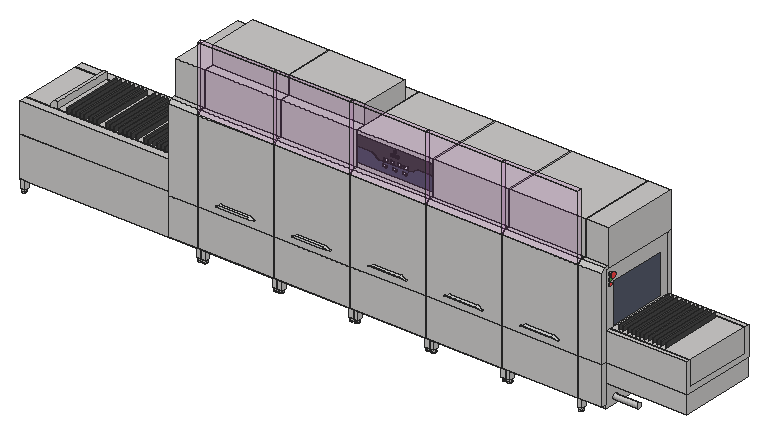
Revit family "QF_ELECTROLUXPROFESSIONAL_520753_EFTD082E1", category Attrezzature speciali, Revit 2020
Family settings
  Quota connettore circolare = Usa diametro
  Tipo di parte = Normale
  Basato su piano di lavoro = No
  Sempre verticale = Sì
  Taglio con vuoti quando caricato = No
  Condiviso = No
  Punto di calcolo locali = No
Parameters (values of type "Standard")
  Weight = 1419.00 kg
  Watts = 66700 W
  Volts = 380 V
  URL Manufacturer = "https://www.electroluxprofessional.com/"
  URL = "https://www.electroluxprofessional.com/"
  Steam Supply Size = 0 mm
  Steam Supply Minimum Pressure = 0.0 Pa
  Steam Supply Maximum Pressure = 0.0 Pa
  Steam Consumption per Hour = 0
  Show Logo [instance] = yes
  Show Clearance [instance] = yes
  Refrigeration Suction Line Size = 0 mm
  Refrigeration Liquid Line Size = 0 mm
  Refrigerant Compressor Remote = yes
  Prospetto di default = 0 mm
  Produttore = "Electrolux Professional"
  Phase = 3
  Modello = "EFTD082E1"
  Length Actual = 7000 mm  # constant formula
  Item Number = "520753"
  Hot Water Size = 0 mm
  Height Actual = 1983 mm  # constant formula
  HP = "89.4 HP"
  Gas Size = 0 mm
  Gas KW = 0
  Gas Input Pressure = 0 W
  Direct Waste Size = 50.8 mm
  Descrizione = "FT, 3TANKS, 8200D/H, EL., 1100MM LOADING, 1900MM UNLOADING, 1DRYER, 55MM CONVEYOR,ESD,R>L,380V50HZ3P"
  Depth Actual = 946 mm  # constant formula
  Cycle = 50 Hz
  Condensate Return Size = 0 mm
  Compressed Air Volume = 0.0 L/s
  Compressed Air Size = 0 mm
  Compressed Air Pressure = 0.0 Pa
  Cold Water Size = 0 mm
  Accessory = yes
Reference planes
  plane 1 "Centro (Fronte/Retro)": y = 0
  plane 2: z = 0
  plane 3 "Centro (Sinistra/Destra)": x = 0
  plane 4: z = 115
Forms (mm)
  Extrusion 1, solid, material "QF_Finishes_Stainless Steel"
    sketch origin (3182.404, 2, 1806.023) x (1, 0, 0) y (0, 0, 1)
      loop
        line (407.596, -163.023) -> (407.596, -183.023) -> (427.596, -183.023) -> (427.596, -163.023) -> (407.596, -163.023)
    from 0 to 2
  Extrusion 2, solid, material "QF_Finishes_Stainless Steel"
    sketch origin (-5.617, 22.464, 1290.159) x (0, 0, -1) y (0, 1, 0)
      loop
        circle (1102.159, -772.464) r 25
    from -9.383 to 5.617
  Extrusion 3, solid, material "QF_Finishes_Stainless Steel"
    sketch origin (3842.404, 2, 337.984) x (1, 0, 0) y (0, 0, 1)
      loop
        line (407.596, -163.023) -> (407.596, -183.023) -> (427.596, -183.023) -> (427.596, -163.023) -> (407.596, -163.023)
    from 0 to 2
  Extrusion 4, solid, material "QF_Finishes_Stainless Steel"
    sketch origin (1247.841, 200.464, 109.383) x (1, 0, 0) y (0, 1, 0)
      loop
        circle (1102.159, -772.464) r 10
    from -9.383 to 5.617
  Extrusion 5, solid, material "QF_Finishes_Stainless Steel"
    sketch origin (6405.617, -1522.464, 1290.159) x (0, 0, -1) y (0, -1, 0)
      loop
        circle (1102.159, -772.464) r 25
    from -9.383 to 255.617
Dimensions and locks
  plane 4 to level = 115 mm
  aligned and locked: level to plane 2
Nested families
  nested 1: "MODULO_CENTER_800_FAN" at (2283.563, -388.258, 0), Show Clearance <- "Show Clearance", type "MODULO_CENTER_800_FAN"
    with Show Logo yes, Show Clearance yes, R_L no, L_R yes
  nested 2: "MODULO_CENTER_800" at (3883.563, -388.258, 0), Show Clearance <- "Show Clearance", type "MODULO_CENTER_800"
    with Show Logo yes, Show Clearance yes, R_L no, L_R yes
  nested 3: "MODULO_ENTRY_DISH_1100" at (6291.437, -523.742, 0) x (-1, 0, 0) z (0, 0, 1), type "MODULO_ENTRY_DISH_1100"
    with Show Logo yes, Show Clearance yes, R_L yes, L_R no
  nested 4: "MODULO_USCITA_DISH_1900" at (1541.437, -523.742, 0) x (-1, 0, 0) z (0, 0, 1), type "MODULO_USCITA_DISH_1900"
    with Show Logo yes, Show Clearance yes, R_L no, L_R yes
  nested 5: "Piedino_Square_115H" at (23.5, -838.5, 0), type "Piedino_Square_115H"
  nested 6: "Piedino_Square_115H" at (23.5, -73.5, 0), type "Piedino_Square_115H"
  nested 7: "Piedino_Square_115H" at (1876.5, -838.5, 0), type "Piedino_Square_115H"
  nested 8: "Piedino_Square_115H" at (1876.5, -73.5, 0), type "Piedino_Square_115H"
  nested 9: "Piedino_Square_115H" at (1923.5, -838.5, 0), type "Piedino_Square_115H"
  nested 10: "Piedino_Square_115H" at (1923.5, -73.5, 0), type "Piedino_Square_115H"
  nested 11: "Piedino_Square_115H" at (2676.5, -838.5, 0), type "Piedino_Square_115H"
  nested 12: "Piedino_Square_115H" at (2676.5, -73.5, 0), type "Piedino_Square_115H"
  nested 13: "Piedino_Square_115H" at (2723.5, -838.5, 0) x (-1, 0, 0) z (0, 0, 1), type "Piedino_Square_115H"
  nested 14: "Piedino_Square_115H" at (2723.5, -73.5, 0) x (-1, 0, 0) z (0, 0, 1), type "Piedino_Square_115H"
  nested 15: "Piedino_Square_115H" at (3476.5, -838.5, 0) x (-1, 0, 0) z (0, 0, 1), type "Piedino_Square_115H"
  nested 16: "Piedino_Square_115H" at (3476.5, -73.5, 0) x (-1, 0, 0) z (0, 0, 1), type "Piedino_Square_115H"
  nested 17: "Piedino_Square_115H" at (3523.5, -838.5, 0), type "Piedino_Square_115H"
  nested 18: "Piedino_Square_115H" at (3523.5, -73.5, 0), type "Piedino_Square_115H"
  nested 19: "Piedino_Square_115H" at (4276.5, -838.5, 0), type "Piedino_Square_115H"
  nested 20: "Piedino_Square_115H" at (4276.5, -73.5, 0), type "Piedino_Square_115H"
  nested 21: "MANIGLIA_FLIGHT_400" at (3900, -912, 639.28) x (1, 0, 0) z (0, -1, 0), type "MANIGLIA_FLIGHT_400"
  nested 22: "MANIGLIA_FLIGHT_400" at (3100, -912, 639.28) x (1, 0, 0) z (0, -1, 0), type "MANIGLIA_FLIGHT_400"
  nested 23: "MANIGLIA_FLIGHT_400" at (2300, -912, 639.28) x (1, 0, 0) z (0, -1, 0), type "MANIGLIA_FLIGHT_400"
  nested 24: "MODULO_CENTER_800" at (4716.437, -388.258, 0) x (-1, 0, 0) z (0, 0, 1), Show Clearance <- "Show Clearance", type "MODULO_CENTER_800"
    with Show Logo yes, Show Clearance yes, R_L no, L_R yes
  nested 25: "Piedino_Square_115H" at (5076.5, -838.5, 0) x (-1, 0, 0) z (0, 0, 1), type "Piedino_Square_115H"
  nested 26: "Piedino_Square_115H" at (5076.5, -73.5, 0) x (-1, 0, 0) z (0, 0, 1), type "Piedino_Square_115H"
  nested 27: "Piedino_Square_115H" at (4323.5, -838.5, 0) x (-1, 0, 0) z (0, 0, 1), type "Piedino_Square_115H"
  nested 28: "Piedino_Square_115H" at (4323.5, -73.5, 0) x (-1, 0, 0) z (0, 0, 1), type "Piedino_Square_115H"
  nested 29: "MANIGLIA_FLIGHT_400" at (4700, -912, 639.28) x (-1, 0, 0) z (0, -1, 0), type "MANIGLIA_FLIGHT_400"
  nested 30: "MODULO_CENTER_800" at (5483.563, -388.258, 0), Show Clearance <- "Show Clearance", type "MODULO_CENTER_800"
    with Show Logo yes, Show Clearance yes, R_L no, L_R yes
  nested 31: "Piedino_Square_115H" at (5123.5, -838.5, 0), type "Piedino_Square_115H"
  nested 32: "Piedino_Square_115H" at (5123.5, -73.5, 0), type "Piedino_Square_115H"
  nested 33: "Piedino_Square_115H" at (5876.5, -838.5, 0), type "Piedino_Square_115H"
  nested 34: "Piedino_Square_115H" at (5876.5, -73.5, 0), type "Piedino_Square_115H"
  nested 35: "MANIGLIA_FLIGHT_400" at (5500, -912, 639.28) x (1, 0, 0) z (0, -1, 0), type "MANIGLIA_FLIGHT_400"
  nested 36: "Schermo_Flight_800" at (3900, -815, 1594.493) x (1, 0, 0) z (0, -1, 0), type "Schermo_Flight_800"
  nested 37: "ELX_LOGO_WORDS_WHITE" at (3900, -816.6, 1684.493) x (1, 0, 0) z (0, -1, 0), Show Logo <- "Show Logo", visible <- "Show Logo", type "ELX_LOGO_WORDS_WHITE"
    with Show Logo yes
  nested 38: "ELX_LOGO_MONO_SMALL_WHITE" at (3890.08, -816.6, 1670.493) x (-1, 0, 0) z (0, -1, 0), Show Logo <- "Show Logo", visible <- "Show Logo", type "ELX_LOGO_MONO_SMALL_WHITE"
    with Show Logo yes
  nested 39: "MODULO_CENTER_800_FAN" at (3116.437, -388.258, 0) x (-1, 0, 0) z (0, 0, 1), Show Clearance <- "Show Clearance", type "MODULO_CENTER_800_FAN"
    with Show Logo yes, Show Clearance yes, R_L no, L_R yes
Connectors
  electrical at (3600, 2, 1633)
    settings: on Extrusion 1, index 69, voltage 0 V, apparent load 0 VA, apparent load phase1 0 VA, apparent load phase2 0 VA, apparent load phase3 0 VA, power factor 1, load classification "Altro", number of poles 1, system type 30, power factor state 1, is connector primary yes, connector utility no, sub classification motor no, connector description "EI"
  piping at (-15, -750, 188), diameter 50
    settings: on Extrusion 2, index 70, connector inside diameter 609.6 mm, connector length 0 mm, flow factor 0, pipe flow 0.0 L/s, pressure drop 0.0 Pa, fitting loss kfactor 0, connector angle 0.00°, fixture units 0, engagement length 0 mm, angle of deflection 0.00°, flow configuration 0, flow direction 0, fitting loss method 0, system type 29, joint type 0, gender type 0, connector reference index -1, connector utility 0, adjustable connector no, is connector primary yes, connector description "D"
  electrical at (4260, 2, 164.961)
    settings: on Extrusion 3, index 71, voltage 0 V, apparent load 0 VA, apparent load phase1 0 VA, apparent load phase2 0 VA, apparent load phase3 0 VA, power factor 1, load classification "Altro", number of poles 1, system type 30, power factor state 1, is connector primary no, connector utility no, sub classification motor no, connector description "EQ"
  piping at (2350, -572, 100), diameter 19.1
    settings: on Extrusion 4, index 72, connector inside diameter 609.6 mm, connector length 0 mm, flow factor 0, pipe flow 0.0 L/s, pressure drop 0.0 Pa, fitting loss kfactor 0, connector angle 0.00°, fixture units 0, engagement length 0 mm, angle of deflection 0.00°, flow configuration 0, flow direction 0, fitting loss method 0, system type 29, joint type 0, gender type 0, connector reference index -1, connector utility 0, adjustable connector no, is connector primary no, connector description "HWI/CWI"
  piping at (6415, -750, 188), diameter 50
    settings: on Extrusion 5, index 74, connector inside diameter 609.6 mm, connector length 0 mm, flow factor 0, pipe flow 0.0 L/s, pressure drop 0.0 Pa, fitting loss kfactor 0, connector angle 0.00°, fixture units 0, engagement length 0 mm, angle of deflection 0.00°, flow configuration 0, flow direction 0, fitting loss method 0, system type 29, joint type 0, gender type 0, connector reference index -1, connector utility 0, adjustable connector no, is connector primary no, connector description ""
Definition of nested family "MODULO_CENTER_800_FAN"
  Parameters (values of type "MODULO_CENTER_800_FAN")
    URL = "http://professional.electrolux.com"
    Show Logo [instance] = yes
    R_L [instance] = not(L_R)  # no
    Default Elevation = 0 mm
    Manufacturer = "Electrolux"
    Model = "ESR10E5"
    Length Actual = 800 mm
    Show Clearance [instance] = yes
    L_R [instance] = yes
    Height Actual = 1792 mm
    Description = "SINGLE RINSE RT, 100R/H, ELECTRIC 50HZ"
    Depth Actual = 912 mm
  Reference planes
    plane 1 "Center X": y = -67.742
    plane 2: z = 0
    plane 3 "LEFT": x = -383.563
    plane 4 "RIGHT": x = 416.437
    plane 5 "BACK": y = 388.258
    plane 6 "FEET": z = 115
    plane 7: z = 2092
    plane 8 "TOP": z = 1792
    plane 9 "FRONT": y = -523.742
    plane 10 "Left/Right": x = 16.437
    plane 11 "TopVent": z = 1983
  Forms (mm)
    Extrusion 1, solid
      sketch origin (416.437, 479.936, 4000) x (0, 1, 0) y (0, 0, 1)
        loop
          line (-91.678, -2208) -> (-906.678, -2208) -> (-906.678, -2580) -> (-91.678, -2580) -> (-91.678, -2208)
      from -800 to 0
    Extrusion 2, solid
      sketch origin (-383.563, 437.565, 3910) x (0, 1, 0) y (0, 0, 1)
        loop
          line (-99.307, -2490) -> (-911.307, -2490) -> (-911.307, -3552) -> (-99.307, -3552) -> (-99.307, -2490)
      from 800 to 0
    Extrusion 3, solid
      sketch origin (416.437, 479.936, 4299) x (0, 1, 0) y (0, 0, 1)
        loop
          line (-278.21, -2316) -> (-803.678, -2316) -> (-803.678, -2507) -> (-278.21, -2507) -> (-278.21, -2316)
      from -800 to 0
    Extrusion 4, solid
      sketch origin (16.437, 0, 1.5) x (0, 0, 1) y (0, -1, 0)
        loop
          line (356.5, -338.258) -> (356.5, 473.742) -> (113.5, 473.742) -> (113.5, -338.258) -> (356.5, -338.258)
      from 400 to -400
    Extrusion 5, solid
      sketch origin (16.437, 0, 0) x (0, 0, 1) y (0, -1, 0)
        loop
          line (1420, -338.258) -> (545, -338.258) -> (545, -388.258) -> (1420, -388.258) -> (1420, -338.258)
      from -400 to 400
    Extrusion 6, solid
      sketch origin (16.437, 0, 0) x (0, 0, 1) y (0, -1, 0)
        loop
          line (545, -388.258) -> (545, -338.258) -> (154, -338.258) -> (154, -388.258) -> (545, -388.258)
      from -400 to 400
    Extrusion 7, solid
      sketch origin (16.437, -882.484, -150) x (0, -1, 0) y (0, 0, 1)
        loop
          line (-358.742, 304) -> (-358.742, 695) -> (-408.742, 695) -> (-408.742, 304) -> (-358.742, 304)
      from -400 to 400
    Extrusion 8, solid
      sketch origin (16.437, -882.484, -151) x (0, -1, 0) y (0, 0, 1)
        loop
          line (-408.742, 1571) -> (-408.742, 696) -> (-358.742, 696) -> (-358.742, 1556) -> (-395.742, 1593) -> (-443.742, 1593) -> (-443.742, 1571) -> (-408.742, 1571)
      from -400 to 400
    Extrusion 9, solid, visible <- "Show Clearance"
      sketch origin (16.437, -882.484, 452) x (0, -1, 0) y (0, 0, 1)
        loop
          line (-408.742, 1640) -> (-408.742, 953.624) -> (-358.742, 953.624) -> (-358.742, 1640) -> (-408.742, 1640)
      from -400 to 400
  Dimensions and locks
    plane 3 "LEFT" to plane 4 "RIGHT" = 800 mm
    plane 5 "BACK" to plane 1 "Center X" to plane 9 "FRONT" = 456 mm, 456 mm
    plane 6 "FEET" to level = 115 mm  (x2)
    plane 6 "FEET" to plane 8 "TOP" = 1677 mm
    plane 5 "BACK" to plane 9 "FRONT" = 912 mm  (x2)
    plane 4 "RIGHT" to plane 3 "LEFT" = 800 mm
    plane 9 "FRONT" to plane 5 "BACK" = 912 mm
    level to plane 8 "TOP" = 1792 mm  (x2)
    plane 7 to level = 2092 mm
    plane 11 "TopVent" to plane 2 = 1983 mm
    plane 7 to plane 2 = 2092 mm
    Extrusion 2 to level = 1420 mm
    Extrusion 8 to level = 1442 mm
    plane 11 "TopVent" to level = 1983 mm
    aligned and locked: level to plane 2
Definition of nested family "MODULO_CENTER_800"
  Parameters (values of type "MODULO_CENTER_800")
    URL = "http://professional.electrolux.com"
    Show Logo [instance] = yes
    R_L [instance] = not(L_R)  # no
    Default Elevation = 0 mm
    Manufacturer = "Electrolux"
    Model = "ESR10E5"
    Length Actual = 800 mm
    Show Clearance [instance] = yes
    L_R [instance] = yes
    Height Actual = 1792 mm
    Description = "SINGLE RINSE RT, 100R/H, ELECTRIC 50HZ"
    Depth Actual = 912 mm
  Reference planes
    plane 1 "Center X": y = -67.742
    plane 2: z = 0
    plane 3 "LEFT": x = -383.563
    plane 4 "RIGHT": x = 416.437
    plane 5 "BACK": y = 388.258
    plane 6 "FEET": z = 115
    plane 7: z = 2092
    plane 8 "TOP": z = 1792
    plane 9 "FRONT": y = -523.742
    plane 10 "Left/Right": x = 16.437
  Forms (mm)
    Extrusion 1, solid
      sketch origin (416.437, 479.936, 4000) x (0, 1, 0) y (0, 0, 1)
        loop
          line (-91.678, -2208) -> (-906.678, -2208) -> (-906.678, -2580) -> (-91.678, -2580) -> (-91.678, -2208)
      from -800 to 0
    Extrusion 2, solid
      sketch origin (-383.563, 437.565, 3915) x (0, 1, 0) y (0, 0, 1)
        loop
          line (-99.307, -2495) -> (-911.307, -2495) -> (-911.307, -3557) -> (-99.307, -3557) -> (-99.307, -2495)
      from 800 to 0
    Extrusion 3, solid
      sketch origin (16.437, 0, 1.5) x (0, 0, 1) y (0, -1, 0)
        loop
          line (356.5, -338.258) -> (356.5, 473.742) -> (113.5, 473.742) -> (113.5, -338.258) -> (356.5, -338.258)
      from 400 to -400
    Extrusion 4, solid
      sketch origin (16.437, 0, 0) x (0, 0, 1) y (0, -1, 0)
        loop
          line (1420, -338.258) -> (545, -338.258) -> (545, -388.258) -> (1420, -388.258) -> (1420, -338.258)
      from -400 to 400
    Extrusion 5, solid
      sketch origin (16.437, 0, 0) x (0, 0, 1) y (0, -1, 0)
        loop
          line (545, -388.258) -> (545, -338.258) -> (154, -338.258) -> (154, -388.258) -> (545, -388.258)
      from -400 to 400
    Extrusion 6, solid
      sketch origin (16.437, -882.484, -150) x (0, -1, 0) y (0, 0, 1)
        loop
          line (-358.742, 304) -> (-358.742, 695) -> (-408.742, 695) -> (-408.742, 304) -> (-358.742, 304)
      from -400 to 400
    Extrusion 7, solid
      sketch origin (16.437, -882.484, -151) x (0, -1, 0) y (0, 0, 1)
        loop
          line (-408.742, 1571) -> (-408.742, 696) -> (-358.742, 696) -> (-358.742, 1556) -> (-395.742, 1593) -> (-443.742, 1593) -> (-443.742, 1571) -> (-408.742, 1571)
      from -400 to 400
    Extrusion 8, solid, visible <- "Show Clearance"
      sketch origin (16.437, -882.484, 452) x (0, -1, 0) y (0, 0, 1)
        loop
          line (-408.742, 1640) -> (-408.742, 953.624) -> (-358.742, 953.624) -> (-358.742, 1640) -> (-408.742, 1640)
      from -400 to 400
  Dimensions and locks
    plane 3 "LEFT" to plane 4 "RIGHT" = 800 mm
    plane 5 "BACK" to plane 1 "Center X" to plane 9 "FRONT" = 456 mm, 456 mm
    plane 6 "FEET" to level = 115 mm  (x2)
    plane 6 "FEET" to plane 8 "TOP" = 1677 mm
    plane 5 "BACK" to plane 9 "FRONT" = 912 mm  (x2)
    plane 4 "RIGHT" to plane 3 "LEFT" = 800 mm
    plane 9 "FRONT" to plane 5 "BACK" = 912 mm
    level to plane 8 "TOP" = 1792 mm  (x2)
    plane 7 to level = 2092 mm
    plane 7 to plane 2 = 2092 mm
    Extrusion 2 to level = 1420 mm
    Extrusion 7 to level = 1442 mm
    aligned and locked: level to plane 2
Definition of nested family "MODULO_ENTRY_DISH_1100"
  Parameters (values of type "MODULO_ENTRY_DISH_1100")
    URL = "http://professional.electrolux.com"
    Show Logo [instance] = yes
    R_L [instance] = not(L_R)  # no
    Default Elevation = 0 mm
    Manufacturer = "Electrolux"
    Model = "ESR10E5"
    Length Actual = 800 mm
    Show Clearance [instance] = yes
    L_R [instance] = yes
    Height Actual = 1792 mm
    Description = "SINGLE RINSE RT, 100R/H, ELECTRIC 50HZ"
    Depth Actual = 912 mm
  Reference planes
    plane 1 "Center (Front/Back)": y = -67.742
    plane 2: z = 0
    plane 3 "LEFT": x = -708.563
    plane 4 "RIGHT": x = 391.437
    plane 5 "BACK": y = 388.258
    plane 6 "FRONT": y = -523.742
    plane 7 "Left/Right": x = 16.437
    plane 8 "BUTTONS": y = -427.742
    plane 9: z = 115
    plane 10 "2": y = 292.258
  Forms (mm)
    Extrusion 1, solid, visible <- "L_R"
      sketch origin (391.437, 479.936, 4000) x (0, 1, 0) y (0, 0, 1)
        loop
          line (-91.678, -2208) -> (-906.678, -2208) -> (-906.678, -2580) -> (-91.678, -2580) -> (-91.678, -2208)
      from -250 to 0
    Extrusion 2, solid
      sketch origin (-358.563, 437.565, 3910) x (0, 1, 0) y (0, 0, 1)
        loop
          line (-99.307, -2490) -> (-911.307, -2490) -> (-911.307, -3552) -> (-99.307, -3552) -> (-99.307, -2490)
      from 750 to 500
    Extrusion 3, solid
      sketch origin (-358.563, 437.565, 3910) x (0, 1, 0) y (0, 0, 1)
        loop
          line (-99.307, -3365) -> (-99.307, -3060) -> (-149.307, -3060) -> (-149.307, -3315) -> (-861.307, -3315) -> (-861.307, -3060) -> (-911.307, -3060) -> (-911.307, -3365) -> (-99.307, -3365)
      from 500 to -350
    Extrusion 4, solid
      sketch origin (16.437, 0, -4.987) x (0, 0, 1) y (0, -1, 0)
        loop
          line (362.987, -338.258) -> (362.987, 473.742) -> (119.987, 473.742) -> (119.987, -338.258) -> (362.987, -338.258)
      from 375 to 125
    Extrusion 5, solid, visible <- "L_R"
      sketch origin (16.437, 0, 0) x (0, 0, 1) y (0, -1, 0)
        loop
          line (1420, -338.258) -> (545, -338.258) -> (545, -388.258) -> (1420, -388.258) -> (1420, -338.258)
      from 125 to 375
    Extrusion 6, solid
      sketch origin (16.437, 0, 0) x (0, 0, 1) y (0, -1, 0)
        loop
          line (545, -388.258) -> (545, -338.258) -> (154, -338.258) -> (154, -388.258) -> (545, -388.258)
      from 125 to 375
    Extrusion 7, solid
      sketch origin (-708.563, 437.565, 3607.258) x (0, 1, 0) y (0, 0, 1)
        loop
          line (-99.307, -3249.258) -> (-99.307, -3062.258) -> (-911.307, -3062.258) -> (-911.307, -3249.258) -> (-99.307, -3249.258)
      from 850 to 0
    Extrusion 8, solid
      sketch origin (-358.563, 437.565, 4000) x (0, 1, 0) y (0, 0, 1)
        loop
          line (-149.307, -3150) -> (-861.307, -3150) -> (-861.307, -3405) -> (-149.307, -3405) -> (-149.307, -3150)
      from -350 to 500
    Extrusion 9, solid
      sketch origin (266.437, -882.484, -150) x (0, -1, 0) y (0, 0, 1)
        loop
          line (-358.742, 304) -> (-358.742, 695) -> (-408.742, 695) -> (-408.742, 304) -> (-358.742, 304)
      from -125 to 125
    Extrusion 10, solid, visible <- "L_R"
      sketch origin (266.437, -882.484, -151) x (0, -1, 0) y (0, 0, 1)
        loop
          line (-408.742, 1571) -> (-408.742, 696) -> (-358.742, 696) -> (-358.742, 1556) -> (-395.742, 1593) -> (-443.742, 1593) -> (-443.742, 1571) -> (-408.742, 1571)
      from -125 to 125
    Extrusion 11, solid
      sketch origin (-358.563, 437.565, 4000) x (0, 1, 0) y (0, 0, 1)
        loop
          line (-199.307, -2725.701) -> (-811.307, -2725.701) -> (-811.307, -3137.701) -> (-199.307, -3137.701) -> (-199.307, -2725.701)
      from 495.458 to 500
    Extrusion 12, solid, visible <- "R_L"
      sketch origin (266.437, 747, -151) x (0, 1, 0) y (0, 0, -1)
        loop
          line (-408.742, -1571) -> (-443.742, -1571) -> (-443.742, -1593) -> (-395.742, -1593) -> (-358.742, -1556) -> (-358.742, -696) -> (-408.742, -696) -> (-408.742, -1571)
      from -125 to 125
    Extrusion 13, solid, visible <- "R_L"
      sketch origin (16.437, -135.484, 0) x (0, 0, 1) y (0, -1, 0)
        loop
          line (1420, 338.258) -> (1420, 388.258) -> (545, 388.258) -> (545, 338.258) -> (1420, 338.258)
      from 125 to 375
    Extrusion 14, solid, visible <- "R_L"
      sketch origin (391.437, -615.42, 4000) x (0, -1, 0) y (0, 0, -1)
        loop
          line (-91.678, 2208) -> (-91.678, 2580) -> (-906.678, 2580) -> (-906.678, 2208) -> (-91.678, 2208)
      from -250 to 0
    Extrusion 15, solid
      sketch origin (-191.477, -192.742, -3) x (-1, 0, 0) y (0, 0, 1)
        loop
          line (-26.676, 853) -> (-26.676, 898) -> (-36.676, 898) -> (-36.676, 853) -> (-26.676, 853)
      from -196 to 446
    Extrusion 16, solid
      sketch origin (-146.477, -192.742, -3) x (-1, 0, 0) y (0, 0, 1)
        loop
          line (-26.676, 853) -> (-26.676, 898) -> (-36.676, 898) -> (-36.676, 853) -> (-26.676, 853)
      from -196 to 446
    Extrusion 17, solid
      sketch origin (-101.477, -192.742, -3) x (-1, 0, 0) y (0, 0, 1)
        loop
          line (-26.676, 853) -> (-26.676, 898) -> (-36.676, 898) -> (-36.676, 853) -> (-26.676, 853)
      from -196 to 446
    Extrusion 18, solid
      sketch origin (-56.477, -192.742, -3) x (-1, 0, 0) y (0, 0, 1)
        loop
          line (-26.676, 853) -> (-26.676, 898) -> (-36.676, 898) -> (-36.676, 853) -> (-26.676, 853)
      from -196 to 446
    Extrusion 19, solid
      sketch origin (-11.477, -192.742, -3) x (-1, 0, 0) y (0, 0, 1)
        loop
          line (-26.676, 853) -> (-26.676, 898) -> (-36.676, 898) -> (-36.676, 853) -> (-26.676, 853)
      from -196 to 446
    Extrusion 20, solid
      sketch origin (33.523, -192.742, -3) x (-1, 0, 0) y (0, 0, 1)
        loop
          line (-26.676, 853) -> (-26.676, 898) -> (-36.676, 898) -> (-36.676, 853) -> (-26.676, 853)
      from -196 to 446
    Extrusion 21, solid
      sketch origin (-456.477, -192.742, -3) x (-1, 0, 0) y (0, 0, 1)
        loop
          line (-26.676, 853) -> (-26.676, 898) -> (-36.676, 898) -> (-36.676, 853) -> (-26.676, 853)
      from -196 to 446
    Extrusion 22, solid
      sketch origin (-411.477, -192.742, -3) x (-1, 0, 0) y (0, 0, 1)
        loop
          line (-26.676, 853) -> (-26.676, 898) -> (-36.676, 898) -> (-36.676, 853) -> (-26.676, 853)
      from -196 to 446
    Extrusion 23, solid
      sketch origin (-366.477, -192.742, -3) x (-1, 0, 0) y (0, 0, 1)
        loop
          line (-26.676, 853) -> (-26.676, 898) -> (-36.676, 898) -> (-36.676, 853) -> (-26.676, 853)
      from -196 to 446
    Extrusion 24, solid
      sketch origin (-321.477, -192.742, -3) x (-1, 0, 0) y (0, 0, 1)
        loop
          line (-26.676, 853) -> (-26.676, 898) -> (-36.676, 898) -> (-36.676, 853) -> (-26.676, 853)
      from -196 to 446
    Extrusion 25, solid
      sketch origin (-276.477, -192.742, -3) x (-1, 0, 0) y (0, 0, 1)
        loop
          line (-26.676, 853) -> (-26.676, 898) -> (-36.676, 898) -> (-36.676, 853) -> (-26.676, 853)
      from -196 to 446
    Extrusion 26, solid
      sketch origin (-231.477, -192.742, -3) x (-1, 0, 0) y (0, 0, 1)
        loop
          line (-26.676, 853) -> (-26.676, 898) -> (-36.676, 898) -> (-36.676, 853) -> (-26.676, 853)
      from -196 to 446
  Dimensions and locks
    plane 3 "LEFT" to plane 4 "RIGHT" = 1100 mm
    plane 5 "BACK" to plane 1 "Center (Front/Back)" to plane 6 "FRONT" = 456 mm, 456 mm
    plane 5 "BACK" to plane 6 "FRONT" = 912 mm  (x2)
    plane 4 "RIGHT" to plane 3 "LEFT" = 1100 mm  (x2)
    plane 6 "FRONT" to plane 5 "BACK" = 912 mm
    plane 9 to level = 115 mm
    Extrusion 1 to level = 1792 mm
    Extrusion 3 to level = 850 mm
    aligned and locked: level to plane 2
  Nested families
    nested 1: "BOTTONE_RED_STOP" at (141.437, -427.742, 1266.906) x (0, -1, 0) z (-1, 0, 0), visible <- "L_R", type "BOTTONE_RED_STOP"
    nested 2: "BOTTONE_EMERGENCY_STOP" at (141.437, -427.742, 1370) x (0, -1, 0) z (-1, 0, 0), visible <- "L_R", type "BOTTONE_EMERGENCY_STOP"
    nested 3: "BOTTONE_GREEN_START" at (141.437, -427.742, 1316.906) x (0, -1, 0) z (-1, 0, 0), visible <- "L_R", type "BOTTONE_GREEN_START"
    nested 4: "BOTTONE_RED_STOP" at (141.437, 292.258, 1267.906) x (0, 1, 0) z (-1, 0, 0), visible <- "R_L", type "BOTTONE_RED_STOP"
    nested 5: "BOTTONE_EMERGENCY_STOP" at (141.437, 292.258, 1371) x (0, 1, 0) z (-1, 0, 0), visible <- "R_L", type "BOTTONE_EMERGENCY_STOP"
    nested 6: "BOTTONE_GREEN_START" at (141.437, 292.258, 1317.906) x (0, 1, 0) z (-1, 0, 0), visible <- "R_L", type "BOTTONE_GREEN_START"
  Definition of nested family "BOTTONE_RED_STOP"
    Parameters (values of type "BOTTONE_RED_STOP")
      Default Elevation = 1219.2 mm
    Reference planes
      plane 1 "Centro (Fronte/Retro)": y = 0
      plane 2: z = 0
      plane 3 "Centro (Sinistra/Destra)": x = 0
    Forms (mm)
      Extrusion 1, solid
        sketch origin (0, 0, 0) x (1, 0, 0) y (0, 1, 0)
          loop
            line (-1219.2, 1219.2) -> (-1219.2, -1219.2) -> (1219.2, -1219.2) -> (1219.2, 1219.2) -> (-1219.2, 1219.2)
        from 0 to -304.8
      Extrusion 2, solid
        sketch origin (-367.513, 69.533, 15) x (-1, 0, 0) y (0, 1, 0)
          loop
            circle (-367.513, -69.533) r 15
        from 0 to 15
    Dimensions and locks
      aligned and locked: plane 2 to Extrusion 1
      aligned and locked: level to Extrusion 1
  Definition of nested family "BOTTONE_EMERGENCY_STOP"
    Parameters
      Default Elevation = 1219.2 mm
    Reference planes
      plane 1 "Centro (Fronte/Retro)": y = 0
      plane 2: z = 0
      plane 3 "Centro (Sinistra/Destra)": x = 0
    Forms (mm)
      Extrusion 1, solid
        sketch origin (0, 0, 0) x (1, 0, 0) y (0, 1, 0)
          loop
            line (-1219.2, 1219.2) -> (-1219.2, -1219.2) -> (1219.2, -1219.2) -> (1219.2, 1219.2) -> (-1219.2, 1219.2)
        from 0 to -304.8
      Extrusion 2, solid
        sketch origin (0, 0, 0) x (1, 0, 0) y (0, 1, 0)
          loop
            circle (0, 0) r 15
        from 0 to 20.273
      Blend 3, solid
        base sketch origin (-49.801, 0, 0) x (1, 0, 0) y (0, 1, 0)
          loop
            circle (49.801, 0) r 15
        top sketch origin (-49.801, 0, 0) x (1, 0, 0) y (0, 1, 0)
          loop
            circle (49.801, 0) r 25
        from 20.273 to 47.605
    Dimensions and locks
      aligned and locked: plane 2 to Extrusion 1
      aligned and locked: level to Extrusion 1
  Definition of nested family "BOTTONE_GREEN_START"
    Parameters (values of type "BOTTONE_GREEN_START")
      Default Elevation = 1219.2 mm
    Reference planes
      plane 1 "Centro (Fronte/Retro)": y = 0
      plane 2: z = 0
      plane 3 "Centro (Sinistra/Destra)": x = 0
    Forms (mm)
      Extrusion 1, solid
        sketch origin (0, 0, 0) x (1, 0, 0) y (0, 1, 0)
          loop
            line (-1219.2, 1219.2) -> (-1219.2, -1219.2) -> (1219.2, -1219.2) -> (1219.2, 1219.2) -> (-1219.2, 1219.2)
        from 0 to -304.8
      Extrusion 2, solid
        sketch origin (-367.513, 69.533, 15) x (-1, 0, 0) y (0, 1, 0)
          loop
            circle (-367.513, -69.533) r 15
        from 0 to 15
    Dimensions and locks
      aligned and locked: plane 2 to Extrusion 1
      aligned and locked: level to Extrusion 1
Definition of nested family "MODULO_USCITA_DISH_1900"
  Parameters (values of type "MODULO_USCITA_DISH_1900")
    URL = "http://professional.electrolux.com"
    Show Logo [instance] = yes
    R_L [instance] = not(L_R)  # yes
    Default Elevation = 0 mm
    Manufacturer = "Electrolux"
    Model = "ESR10E5"
    Length Actual = 800 mm
    Show Clearance [instance] = yes
    L_R [instance] = no
    Height Actual = 1792 mm
    Description = "SINGLE RINSE RT, 100R/H, ELECTRIC 50HZ"
    Depth Actual = 912 mm
  Reference planes
    plane 1 "Center (Front/Back)": y = -67.742
    plane 2: z = 0
    plane 3 "LEFT": x = -358.563
    plane 4 "BACK": y = 388.258
    plane 5 "FEET": z = 115
    plane 6 "TOP": z = 1792
    plane 7 "FRONT": y = -523.742
    plane 8: x = -358.563
    plane 9: y = -427.742
    plane 10 "RIGHT": x = 1541.437
  Forms (mm)
    Extrusion 1, solid, visible <- "R_L"
      sketch origin (-358.563, 479.936, 4003) x (0, 1, 0) y (0, 0, -1)
        loop
          line (-91.678, 2211) -> (-91.678, 2583) -> (-906.678, 2583) -> (-906.678, 2211) -> (-91.678, 2211)
      from -300 to 0
    Extrusion 2, solid
      sketch origin (-358.563, 437.565, 4003) x (0, 1, 0) y (0, 0, 1)
        loop
          line (-99.307, -3458) -> (-911.307, -3458) -> (-911.307, -3888) -> (-99.307, -3888) -> (-99.307, -3458)
      from 300 to 0
    Extrusion 3, solid
      sketch origin (-358.563, 479.936, 4003) x (0, 1, 0) y (0, 0, -1)
        loop
          line (-141.678, 2583) -> (-141.678, 3458) -> (-953.678, 3458) -> (-953.678, 2583) -> (-141.678, 2583)
      from -300 to 0
    Extrusion 4, solid
      sketch origin (391.437, 437.565, 3913) x (0, 1, 0) y (0, 0, -1)
        loop
          line (-99.307, 3368) -> (-911.307, 3368) -> (-911.307, 3063) -> (-826.307, 3063) -> (-826.307, 3318) -> (-184.307, 3318) -> (-184.307, 3063) -> (-99.307, 3063) -> (-99.307, 3368)
      from 450 to -1150
    Extrusion 5, solid, visible <- "R_L"
      sketch origin (16.437, 0, 3) x (0, 0, 1) y (0, 1, 0)
        loop
          line (1417, 338.258) -> (1417, 388.258) -> (542, 388.258) -> (542, 338.258) -> (1417, 338.258)
      from 75 to 375
    Extrusion 6, solid
      sketch origin (16.437, 0, 3) x (0, 0, 1) y (0, 1, 0)
        loop
          line (542, 388.258) -> (151, 388.258) -> (151, 338.258) -> (542, 338.258) -> (542, 388.258)
      from 75 to 375
    Extrusion 7, solid
      sketch origin (391.437, 437.565, 3610.258) x (0, 1, 0) y (0, 0, -1)
        loop
          line (-99.307, 3495.258) -> (-911.307, 3495.258) -> (-911.307, 3065.258) -> (-99.307, 3065.258) -> (-99.307, 3495.258)
      from 450 to -1150
    Extrusion 8, solid
      sketch origin (1241.437, 0, 3) x (0, 1, 0) y (0, 0, 1)
        loop
          line (253.258, 847) -> (-388.742, 847) -> (-388.742, 592) -> (253.258, 592) -> (253.258, 847)
      from 300 to -1300
    Extrusion 9, solid
      sketch origin (-358.563, 437.565, 3928) x (0, 1, 0) y (0, 0, 1)
        loop
          line (-811.307, -3065.701) -> (-199.307, -3065.701) -> (-199.307, -2653.701) -> (-811.307, -2653.701) -> (-811.307, -3065.701)
      from 300 to 304.77
    Extrusion 10, solid
      sketch origin (-208.563, -115, -147) x (0, 1, 0) y (0, 0, 1)
        loop
          line (-358.742, 301) -> (-358.742, 692) -> (-408.742, 692) -> (-408.742, 301) -> (-358.742, 301)
      from -150 to 150
    Extrusion 11, solid, visible <- "R_L"
      sketch origin (-208.563, -882.484, -151) x (0, -1, 0) y (0, 0, 1)
        loop
          line (-408.742, 1571) -> (-408.742, 696) -> (-358.742, 696) -> (-358.742, 1556) -> (-395.742, 1593) -> (-443.742, 1593) -> (-443.742, 1571) -> (-408.742, 1571)
      from -150 to 150
    Extrusion 12, solid
      sketch origin (-39.574, -192.742, -3) x (-1, 0, 0) y (0, 0, 1)
        loop
          line (-26.676, 853) -> (-26.676, 898) -> (-36.676, 898) -> (-36.676, 853) -> (-26.676, 853)
      from -196 to 446
    Extrusion 13, solid
      sketch origin (5.426, -192.742, -3) x (-1, 0, 0) y (0, 0, 1)
        loop
          line (-26.676, 853) -> (-26.676, 898) -> (-36.676, 898) -> (-36.676, 853) -> (-26.676, 853)
      from -196 to 446
    Extrusion 14, solid
      sketch origin (50.426, -192.742, -3) x (-1, 0, 0) y (0, 0, 1)
        loop
          line (-26.676, 853) -> (-26.676, 898) -> (-36.676, 898) -> (-36.676, 853) -> (-26.676, 853)
      from -196 to 446
    Extrusion 15, solid
      sketch origin (95.426, -192.742, -3) x (-1, 0, 0) y (0, 0, 1)
        loop
          line (-26.676, 853) -> (-26.676, 898) -> (-36.676, 898) -> (-36.676, 853) -> (-26.676, 853)
      from -196 to 446
    Extrusion 16, solid
      sketch origin (140.426, -192.742, -3) x (-1, 0, 0) y (0, 0, 1)
        loop
          line (-26.676, 853) -> (-26.676, 898) -> (-36.676, 898) -> (-36.676, 853) -> (-26.676, 853)
      from -196 to 446
    Extrusion 17, solid
      sketch origin (185.426, -192.742, -3) x (-1, 0, 0) y (0, 0, 1)
        loop
          line (-26.676, 853) -> (-26.676, 898) -> (-36.676, 898) -> (-36.676, 853) -> (-26.676, 853)
      from -196 to 446
    Extrusion 18, solid
      sketch origin (230.426, -192.742, -3) x (-1, 0, 0) y (0, 0, 1)
        loop
          line (-26.676, 853) -> (-26.676, 898) -> (-36.676, 898) -> (-36.676, 853) -> (-26.676, 853)
      from -196 to 446
    Extrusion 19, solid
      sketch origin (275.426, -192.742, -3) x (-1, 0, 0) y (0, 0, 1)
        loop
          line (-26.676, 853) -> (-26.676, 898) -> (-36.676, 898) -> (-36.676, 853) -> (-26.676, 853)
      from -196 to 446
    Revolve 20, solid
      sketch origin (789.102, 0, 850) x (1, 0, 0) y (0, 1, 0)
        loop
          line (430.204, 253.258) -> (430.204, -388.742) -> (502.335, -388.742) -> (502.335, 253.258) -> (430.204, 253.258)
        axis (430.204, 253.258) -> (430.204, -388.742)
      angle from 0 to -90
    Extrusion 21, solid, visible <- "L_R"
      sketch origin (-208.563, 747, -151) x (0, 1, 0) y (0, 0, -1)
        loop
          line (-408.742, -1571) -> (-443.742, -1571) -> (-443.742, -1593) -> (-395.742, -1593) -> (-358.742, -1556) -> (-358.742, -696) -> (-408.742, -696) -> (-408.742, -1571)
      from -150 to 150
    Extrusion 22, solid, visible <- "L_R"
      sketch origin (16.437, -135.484, 3) x (0, 0, 1) y (0, 1, 0)
        loop
          line (1417, -338.258) -> (542, -338.258) -> (542, -388.258) -> (1417, -388.258) -> (1417, -338.258)
      from 75 to 375
    Extrusion 23, solid, visible <- "L_R"
      sketch origin (-358.563, -615.42, 4003) x (0, -1, 0) y (0, 0, 1)
        loop
          line (-91.678, -2211) -> (-906.678, -2211) -> (-906.678, -2583) -> (-91.678, -2583) -> (-91.678, -2211)
      from -300 to 0
    Extrusion 24, solid
      sketch origin (362.926, -192.742, -3) x (-1, 0, 0) y (0, 0, 1)
        loop
          line (-26.676, 853) -> (-26.676, 898) -> (-36.676, 898) -> (-36.676, 853) -> (-26.676, 853)
      from -196 to 446
    Extrusion 25, solid
      sketch origin (407.926, -192.742, -3) x (-1, 0, 0) y (0, 0, 1)
        loop
          line (-26.676, 853) -> (-26.676, 898) -> (-36.676, 898) -> (-36.676, 853) -> (-26.676, 853)
      from -196 to 446
    Extrusion 26, solid
      sketch origin (452.926, -192.742, -3) x (-1, 0, 0) y (0, 0, 1)
        loop
          line (-26.676, 853) -> (-26.676, 898) -> (-36.676, 898) -> (-36.676, 853) -> (-26.676, 853)
      from -196 to 446
    Extrusion 27, solid
      sketch origin (497.926, -192.742, -3) x (-1, 0, 0) y (0, 0, 1)
        loop
          line (-26.676, 853) -> (-26.676, 898) -> (-36.676, 898) -> (-36.676, 853) -> (-26.676, 853)
      from -196 to 446
    Extrusion 28, solid
      sketch origin (542.926, -192.742, -3) x (-1, 0, 0) y (0, 0, 1)
        loop
          line (-26.676, 853) -> (-26.676, 898) -> (-36.676, 898) -> (-36.676, 853) -> (-26.676, 853)
      from -196 to 446
    Extrusion 29, solid
      sketch origin (587.926, -192.742, -3) x (-1, 0, 0) y (0, 0, 1)
        loop
          line (-26.676, 853) -> (-26.676, 898) -> (-36.676, 898) -> (-36.676, 853) -> (-26.676, 853)
      from -196 to 446
    Extrusion 30, solid
      sketch origin (632.926, -192.742, -3) x (-1, 0, 0) y (0, 0, 1)
        loop
          line (-26.676, 853) -> (-26.676, 898) -> (-36.676, 898) -> (-36.676, 853) -> (-26.676, 853)
      from -196 to 446
    Extrusion 31, solid
      sketch origin (677.926, -192.742, -3) x (-1, 0, 0) y (0, 0, 1)
        loop
          line (-26.676, 853) -> (-26.676, 898) -> (-36.676, 898) -> (-36.676, 853) -> (-26.676, 853)
      from -196 to 446
    Extrusion 32, solid
      sketch origin (1143.777, -192.742, -3) x (1, 0, 0) y (0, 0, -1)
        loop
          line (-26.676, -853) -> (-36.676, -853) -> (-36.676, -898) -> (-26.676, -898) -> (-26.676, -853)
      from -196 to 446
    Extrusion 33, solid
      sketch origin (1098.777, -192.742, -3) x (1, 0, 0) y (0, 0, -1)
        loop
          line (-26.676, -853) -> (-36.676, -853) -> (-36.676, -898) -> (-26.676, -898) -> (-26.676, -853)
      from -196 to 446
    Extrusion 34, solid
      sketch origin (1053.777, -192.742, -3) x (1, 0, 0) y (0, 0, -1)
        loop
          line (-26.676, -853) -> (-36.676, -853) -> (-36.676, -898) -> (-26.676, -898) -> (-26.676, -853)
      from -196 to 446
    Extrusion 35, solid
      sketch origin (1008.777, -192.742, -3) x (1, 0, 0) y (0, 0, -1)
        loop
          line (-26.676, -853) -> (-36.676, -853) -> (-36.676, -898) -> (-26.676, -898) -> (-26.676, -853)
      from -196 to 446
    Extrusion 36, solid
      sketch origin (963.777, -192.742, -3) x (1, 0, 0) y (0, 0, -1)
        loop
          line (-26.676, -853) -> (-36.676, -853) -> (-36.676, -898) -> (-26.676, -898) -> (-26.676, -853)
      from -196 to 446
    Extrusion 37, solid
      sketch origin (918.777, -192.742, -3) x (1, 0, 0) y (0, 0, -1)
        loop
          line (-26.676, -853) -> (-36.676, -853) -> (-36.676, -898) -> (-26.676, -898) -> (-26.676, -853)
      from -196 to 446
    Extrusion 38, solid
      sketch origin (873.777, -192.742, -3) x (1, 0, 0) y (0, 0, -1)
        loop
          line (-26.676, -853) -> (-36.676, -853) -> (-36.676, -898) -> (-26.676, -898) -> (-26.676, -853)
      from -196 to 446
    Extrusion 39, solid
      sketch origin (828.777, -192.742, -3) x (1, 0, 0) y (0, 0, -1)
        loop
          line (-26.676, -853) -> (-36.676, -853) -> (-36.676, -898) -> (-26.676, -898) -> (-26.676, -853)
      from -196 to 446
  Dimensions and locks
    plane 4 "BACK" to plane 1 "Center (Front/Back)" to plane 7 "FRONT" = 456 mm, 456 mm
    plane 5 "FEET" to level = 115 mm  (x2)
    plane 4 "BACK" to plane 7 "FRONT" = 912 mm  (x2)
    plane 7 "FRONT" to plane 4 "BACK" = 912 mm
    level to plane 6 "TOP" = 1792 mm
    plane 3 "LEFT" to plane 10 "RIGHT" = 1900 mm
    plane 8 to plane 10 "RIGHT" = 1900 mm
    plane 6 "TOP" to level = 1792 mm
    aligned and locked: level to plane 2
  Nested families
    nested 1: "BOTTONE_EMERGENCY_STOP" at (-58.563, -427.742, 1369) x (0, -1, 0) z (1, 0, 0), visible <- "R_L", type "BOTTONE_EMERGENCY_STOP"
    nested 2: "BOTTONE_GREEN_START" at (-58.563, -427.742, 1315.906) x (0, -1, 0) z (1, 0, 0), visible <- "R_L", type "BOTTONE_GREEN_START"
    nested 3: "BOTTONE_RED_STOP" at (-58.563, -427.742, 1265.906) x (0, -1, 0) z (1, 0, 0), visible <- "R_L", type "BOTTONE_RED_STOP"
    nested 4: "BOTTONE_EMERGENCY_STOP" at (-58.563, 292.258, 1369) x (0, 1, 0) z (1, 0, 0), visible <- "L_R", type "BOTTONE_EMERGENCY_STOP"
    nested 5: "BOTTONE_GREEN_START" at (-58.563, 292.258, 1315.906) x (0, 1, 0) z (1, 0, 0), visible <- "L_R", type "BOTTONE_GREEN_START"
    nested 6: "BOTTONE_RED_STOP" at (-58.563, 292.258, 1265.906) x (0, 1, 0) z (1, 0, 0), visible <- "L_R", type "BOTTONE_RED_STOP"
  Definition of nested family "BOTTONE_EMERGENCY_STOP"
    Parameters
      Default Elevation = 1219.2 mm
    Reference planes
      plane 1 "Centro (Fronte/Retro)": y = 0
      plane 2: z = 0
      plane 3 "Centro (Sinistra/Destra)": x = 0
    Forms (mm)
      Extrusion 1, solid
        sketch origin (0, 0, 0) x (1, 0, 0) y (0, 1, 0)
          loop
            line (-1219.2, 1219.2) -> (-1219.2, -1219.2) -> (1219.2, -1219.2) -> (1219.2, 1219.2) -> (-1219.2, 1219.2)
        from 0 to -304.8
      Extrusion 2, solid
        sketch origin (0, 0, 0) x (1, 0, 0) y (0, 1, 0)
          loop
            circle (0, 0) r 15
        from 0 to 20.273
      Blend 3, solid
        base sketch origin (-49.801, 0, 0) x (1, 0, 0) y (0, 1, 0)
          loop
            circle (49.801, 0) r 15
        top sketch origin (-49.801, 0, 0) x (1, 0, 0) y (0, 1, 0)
          loop
            circle (49.801, 0) r 25
        from 20.273 to 47.605
    Dimensions and locks
      aligned and locked: plane 2 to Extrusion 1
      aligned and locked: level to Extrusion 1
  Definition of nested family "BOTTONE_GREEN_START"
    Parameters (values of type "BOTTONE_GREEN_START")
      Default Elevation = 1219.2 mm
    Reference planes
      plane 1 "Centro (Fronte/Retro)": y = 0
      plane 2: z = 0
      plane 3 "Centro (Sinistra/Destra)": x = 0
    Forms (mm)
      Extrusion 1, solid
        sketch origin (0, 0, 0) x (1, 0, 0) y (0, 1, 0)
          loop
            line (-1219.2, 1219.2) -> (-1219.2, -1219.2) -> (1219.2, -1219.2) -> (1219.2, 1219.2) -> (-1219.2, 1219.2)
        from 0 to -304.8
      Extrusion 2, solid
        sketch origin (-367.513, 69.533, 15) x (-1, 0, 0) y (0, 1, 0)
          loop
            circle (-367.513, -69.533) r 15
        from 0 to 15
    Dimensions and locks
      aligned and locked: plane 2 to Extrusion 1
      aligned and locked: level to Extrusion 1
  Definition of nested family "BOTTONE_RED_STOP"
    Parameters (values of type "BOTTONE_RED_STOP")
      Default Elevation = 1219.2 mm
    Reference planes
      plane 1 "Centro (Fronte/Retro)": y = 0
      plane 2: z = 0
      plane 3 "Centro (Sinistra/Destra)": x = 0
    Forms (mm)
      Extrusion 1, solid
        sketch origin (0, 0, 0) x (1, 0, 0) y (0, 1, 0)
          loop
            line (-1219.2, 1219.2) -> (-1219.2, -1219.2) -> (1219.2, -1219.2) -> (1219.2, 1219.2) -> (-1219.2, 1219.2)
        from 0 to -304.8
      Extrusion 2, solid
        sketch origin (-367.513, 69.533, 15) x (-1, 0, 0) y (0, 1, 0)
          loop
            circle (-367.513, -69.533) r 15
        from 0 to 15
    Dimensions and locks
      aligned and locked: plane 2 to Extrusion 1
      aligned and locked: level to Extrusion 1
Definition of nested family "Piedino_Square_115H"
  Parameters (values of type "Piedino_Square_115H")
    Default Elevation = 0 mm
  Reference planes
    plane 1 "Centro (Fronte/Retro)": y = 0
    plane 2: z = 0
    plane 3 "Centro (Sinistra/Destra)": x = 0
    plane 4: z = 115
  Forms (mm)
    Extrusion 1, solid
      sketch origin (0, 0, 0) x (1, 0, 0) y (0, 1, 0)
        loop
          circle (0, 0) r 23
      from 0 to 5
    Extrusion 2, solid
      sketch origin (0, 0, 5) x (1, 0, 0) y (0, 1, 0)
        loop
          circle (0, 0) r 20
      from 0 to 25.777
    Extrusion 3, solid
      sketch origin (0, 0, 30.777) x (1, 0, 0) y (0, 1, 0)
        loop
          line (-23.5, 23.5) -> (-23.5, -23.5) -> (23.5, -23.5) -> (23.5, 23.5) -> (-23.5, 23.5)
      from 0 to 84.223
  Dimensions and locks
    plane 4 to level = 115 mm  (x2)
    radius of Extrusion 1 sketch curve = 23 mm
    aligned and locked: level to plane 2
    aligned and locked: Extrusion 1 to level
Definition of nested family "MANIGLIA_FLIGHT_400"
  Parameters
    Default Elevation = 1219.2 mm
  Reference planes
    plane 1 "Centro (Fronte/Retro)": y = 0
    plane 2: z = 0
    plane 3 "Centro (Sinistra/Destra)": x = 0
  Forms (mm)
    Extrusion 1, solid
      sketch origin (0, 0, 0) x (1, 0, 0) y (0, 1, 0)
        loop
          line (-1219.2, 1219.2) -> (-1219.2, -1219.2) -> (1219.2, -1219.2) -> (1219.2, 1219.2) -> (-1219.2, 1219.2)
      from 0 to -304.8
    Extrusion 2, solid
      sketch origin (-503, 656.113, -50) x (-1, 0, 0) y (0, 1, 0)
        loop
          line (-651.038, -638.613) -> (-703, -668.613) -> (-703, -673.613) -> (-658.503, -673.613) -> (-623.862, -653.613) -> (-382.138, -653.613) -> (-347.497, -673.613) -> (-303, -673.613) -> (-303, -668.613) -> (-354.962, -638.613) -> (-651.038, -638.613)
      from -86.258 to -50
    Extrusion 3, void
      sketch origin (0, -681.887, 358.742) x (0, 0, 1) y (0, 1, 0)
        loop
          line (-322.484, 684.387) -> (-353.281, 664.387) -> (-322.484, 664.387) -> (-322.484, 684.387)
      from -200 to 200
  Cuts and joins
    Extrusion 3 cuts Extrusion 2
  Dimensions and locks
    cut or joined group of Extrusion 2, Extrusion 3 to cut or joined group of Extrusion 2, Extrusion 3 = 400 mm
    cut or joined group of Extrusion 2, Extrusion 3 to cut or joined group of Extrusion 2, Extrusion 3 = 35 mm
    aligned and locked: plane 2 to Extrusion 1
    aligned and locked: level to Extrusion 1
Definition of nested family "Schermo_Flight_800"
  Parameters (values of type "Schermo_Flight_800")
    Default Elevation = 1219.2 mm
  Reference planes
    plane 1 "Center (Front/Back)": y = 0
    plane 2: z = 0
    plane 3 "Center (Left/Right)": x = 0
  Forms (mm)
    Extrusion 1, solid
      sketch origin (0, 0, 0) x (1, 0, 0) y (0, 1, 0)
        loop
          line (-1219.2, 1219.2) -> (-1219.2, -1219.2) -> (1219.2, -1219.2) -> (1219.2, 1219.2) -> (-1219.2, 1219.2)
      from 0 to -304.8
    Extrusion 2, solid
      sketch origin (0, -25, 0) x (1, 0, 0) y (0, 1, 0)
        loop
          line (-400, -82.94) -> (400, -82.94) -> (400, 70.507) -> (238.561, 70.507) -> (167.154, 20.507) -> (-167.154, 20.507) -> (-238.561, 70.507) -> (-400, 70.507) -> (-400, -82.94)
        loop
          line (-126.915, -7.668) -> (-126.915, -27.668) -> (-81.915, -27.668) -> (-81.915, -7.668) -> (-126.915, -7.668)
        loop
          line (-22.5, -7.668) -> (-22.5, -27.668) -> (22.5, -27.668) -> (22.5, -7.668) -> (-22.5, -7.668)
        loop
          line (126.915, -7.668) -> (81.915, -7.668) -> (81.915, -27.668) -> (126.915, -27.668) -> (126.915, -7.668)
      from 0 to 1.6
    Extrusion 3, solid
      sketch origin (0, -25, 0) x (1, 0, 0) y (0, 1, 0)
        loop
          line (-400, 177.06) -> (-400, 70.507) -> (-238.561, 70.507) -> (-167.154, 20.507) -> (167.154, 20.507) -> (238.561, 70.507) -> (400, 70.507) -> (400, 177.06) -> (-400, 177.06)
        loop
          line (-117.417, 56.68) -> (-117.417, 31.68) -> (-77.417, 31.68) -> (-77.417, 56.68) -> (-117.417, 56.68)
        loop
          line (-47.417, 56.68) -> (-47.417, 31.68) -> (-7.417, 31.68) -> (-7.417, 56.68) -> (-47.417, 56.68)
        loop
          line (27.583, 56.68) -> (27.583, 31.68) -> (67.583, 31.68) -> (67.583, 56.68) -> (27.583, 56.68)
        loop
          line (97.583, 56.68) -> (97.583, 31.68) -> (137.583, 31.68) -> (137.583, 56.68) -> (97.583, 56.68)
      from 0 to 1.6
    Extrusion 4, solid
      sketch origin (0, 0, 0) x (1, 0, 0) y (0, 1, 0)
        loop
          line (-117.417, 31.68) -> (-117.417, 6.68) -> (-77.417, 6.68) -> (-77.417, 31.68) -> (-117.417, 31.68)
        loop
          line (-47.417, 31.68) -> (-47.417, 6.68) -> (-7.417, 6.68) -> (-7.417, 31.68) -> (-47.417, 31.68)
        loop
          line (27.583, 31.68) -> (27.583, 6.68) -> (67.583, 6.68) -> (67.583, 31.68) -> (27.583, 31.68)
        loop
          line (97.583, 31.68) -> (97.583, 6.68) -> (137.583, 6.68) -> (137.583, 31.68) -> (97.583, 31.68)
        loop
          line (-126.915, -32.668) -> (-126.915, -52.668) -> (-81.915, -52.668) -> (-81.915, -32.668) -> (-126.915, -32.668)
        loop
          line (-22.5, -32.668) -> (-22.5, -52.668) -> (22.5, -52.668) -> (22.5, -32.668) -> (-22.5, -32.668)
        loop
          line (81.915, -32.668) -> (81.915, -52.668) -> (126.915, -52.668) -> (126.915, -32.668) -> (81.915, -32.668)
      from 0 to 1.6
  Dimensions and locks
    Extrusion 3 to Extrusion 3 = 800 mm
    Extrusion 2 to Extrusion 3 = 260 mm
    aligned and locked: plane 2 to Extrusion 1
    aligned and locked: level to Extrusion 1
Definition of nested family "ELX_LOGO_WORDS_WHITE"
  Parameters (values of type "ELX_LOGO_WORDS_WHITE")
    Show Logo [instance] = yes
    Default Elevation = 0 mm
  Reference planes
    plane 1 "Centro (Fronte/Retro)": y = 0
    plane 2: z = 0
    plane 3 "Centro (Sinistra/Destra)": x = 0
  Forms (mm)
    Extrusion 1, solid
      sketch origin (0, 0, 0) x (1, 0, 0) y (0, 1, 0)
        loop
          line (-1219.2, 1219.2) -> (-1219.2, -1219.2) -> (1219.2, -1219.2) -> (1219.2, 1219.2) -> (-1219.2, 1219.2)
      from 0 to -304.8
    Extrusion 2, solid, visible <- "Show Logo"
      sketch origin (0, 0, 0) x (1, 0, 0) y (0, 1, 0)
        loop
          line (-30.234, 10.561) -> (-37.67, 10.561) -> (-37.67, 1.902)
          arc (-37.67, 1.902) -> (-36.691, -0.461) -> (-34.329, -1.439) r 3.341
          line (-34.329, -1.439) -> (-30.09, -1.439) -> (-30.09, 0.503) -> (-33.845, 0.503)
          arc (-33.845, 0.503) -> (-35.079, 0.92) -> (-35.604, 2.112) r 1.615
          line (-35.604, 2.112) -> (-35.604, 3.829) -> (-30.555, 3.829) -> (-30.555, 5.779) -> (-35.604, 5.779) -> (-35.604, 8.617) -> (-30.234, 8.617) -> (-30.234, 10.561)
        loop
          line (-28.622, 10.561) -> (-28.622, -1.439) -> (-26.555, -1.439) -> (-26.555, 10.561) -> (-28.622, 10.561)
        loop
          line (16.27, 10.561) -> (16.27, -1.439) -> (18.338, -1.439) -> (18.338, 10.561) -> (16.27, 10.561)
        loop
          line (-23.137, 2.393) -> (-16.354, 2.393)
          arc (-16.354, 2.393) -> (-17.415, 6.119) -> (-21.043, 7.478) r 4.298
          arc (-21.043, 7.478) -> (-24.239, 5.857) -> (-25.151, 2.393) r 4.373
          arc (-25.151, 2.393) -> (-23.951, -0.505) -> (-21.053, -1.705) r 4.097
          arc (-21.053, -1.705) -> (-18.799, -1.372) -> (-16.908, -0.099) r 5.15
          line (-16.908, -0.099) -> (-18.133, 1.125)
          arc (-18.133, 1.125) -> (-19.74, 0.161) -> (-21.607, 0.323) r 3.039
          arc (-21.607, 0.323) -> (-22.746, 1.081) -> (-23.137, 2.393) r 2.013
        loop
          line (-23.085, 3.846) -> (-18.431, 3.846)
          arc (-18.431, 3.846) -> (-19.084, 5.22) -> (-20.519, 5.727) r 1.983
          arc (-20.519, 5.727) -> (-22.175, 5.295) -> (-23.085, 3.846) r 2.321
        loop
          line (-8.297, 4.711) -> (-6.999, 6.009)
          arc (-6.999, 6.009) -> (-8.627, 7.187) -> (-10.604, 7.539) r 4.497
          arc (-10.604, 7.539) -> (-13.621, 6.437) -> (-15.204, 3.642) r 4.652
          arc (-15.204, 3.642) -> (-12.536, -1.257) -> (-7.072, -0.127) r 4.684
          line (-7.072, -0.127) -> (-8.363, 1.163)
          arc (-8.363, 1.163) -> (-11.149, 0.242) -> (-13.145, 2.393) r 2.714
          arc (-13.145, 2.393) -> (-13.006, 4.094) -> (-11.835, 5.335) r 2.578
          arc (-11.835, 5.335) -> (-9.96, 5.621) -> (-8.297, 4.711) r 2.961
        loop
          line (-5.73, 10.561) -> (-5.73, 2.36)
          arc (-5.73, 2.36) -> (-5.551, 1.13) -> (-5.09, -0.025) r 5.301
          arc (-5.09, -0.025) -> (-3.615, -1.198) -> (-1.746, -1.445) r 3.531
          line (-1.746, -1.445) -> (-1.746, 0.492)
          arc (-1.746, 0.492) -> (-2.302, 0.534) -> (-2.82, 0.74) r 1.862
          arc (-2.82, 0.74) -> (-3.484, 1.442) -> (-3.662, 2.393) r 1.713
          line (-3.662, 2.393) -> (-3.662, 5.362) -> (-1.785, 5.362) -> (-1.785, 7.24) -> (-3.662, 7.24) -> (-3.662, 10.561) -> (-5.73, 10.561)
        loop
          arc (2.004, 3.123) -> (2.152, 3.988) -> (2.578, 4.755) r 2.607
          arc (2.578, 4.755) -> (3.817, 5.391) -> (5.208, 5.362) r 2.84
          line (5.208, 5.362) -> (5.208, 7.349)
          arc (5.208, 7.349) -> (3.39, 7.177) -> (2.004, 5.989) r 3.016
          line (2.004, 5.989) -> (2.004, 7.24) -> (-0.046, 7.24) -> (-0.046, -1.439) -> (2.004, -1.439) -> (2.004, 3.123)
        loop
          circle (10.262, 2.899) r 4.599
        loop
          circle (10.262, 2.899) r 2.787
        loop
          arc (25.793, 2.175) -> (25.283, 0.772) -> (23.898, 0.213) r 1.835
          arc (23.898, 0.213) -> (22.514, 0.772) -> (22.004, 2.175) r 1.835
          line (22.004, 2.175) -> (22.004, 7.24) -> (19.919, 7.24) -> (19.919, 2.003)
          arc (19.919, 2.003) -> (21.105, -0.701) -> (23.898, -1.659) r 3.675
          arc (23.898, -1.659) -> (26.723, -0.672) -> (27.877, 2.088) r 3.675
          line (27.877, 2.088) -> (27.877, 7.24) -> (25.793, 7.24) -> (25.793, 2.175)
        loop
          line (29.126, 7.24) -> (32.128, 3.164) -> (28.83, -1.442) -> (31.052, -1.442) -> (33.241, 1.615) -> (35.462, -1.442) -> (37.67, -1.442) -> (34.419, 3.211) -> (37.392, 7.24) -> (35.135, 7.24) -> (33.234, 4.663) -> (31.362, 7.24) -> (29.126, 7.24)
        loop
          line (-35.875, -6.414) -> (-37.523, -6.414) -> (-37.523, -10.564) -> (-36.621, -10.564) -> (-36.621, -9.135) -> (-35.625, -9.135)
          arc (-35.625, -9.135) -> (-34.509, -7.66) -> (-35.875, -6.414) r 1.372
        loop
          arc (-35.664, -8.32) -> (-35.322, -7.786) -> (-35.664, -7.253) r 0.587
          line (-35.664, -7.253) -> (-36.621, -7.253) -> (-36.621, -8.32) -> (-35.664, -8.32)
        loop
          line (-29.363, -6.414) -> (-31.04, -6.414) -> (-31.04, -10.564) -> (-30.138, -10.564) -> (-30.138, -9.135) -> (-29.265, -9.135) -> (-28.669, -10.564) -> (-27.7, -10.564) -> (-28.516, -8.814)
          arc (-28.516, -8.814) -> (-28.125, -8.347) -> (-27.994, -7.752) r 1.281
          arc (-27.994, -7.752) -> (-28.406, -6.804) -> (-29.363, -6.414) r 1.37
        loop
          line (-30.138, -7.253) -> (-30.138, -8.32) -> (-29.18, -8.32)
          arc (-29.18, -8.32) -> (-28.839, -7.786) -> (-29.18, -7.253) r 0.587
          line (-29.18, -7.253) -> (-30.138, -7.253)
        loop
          circle (-22.402, -8.489) r 2.156
        loop
          circle (-22.402, -8.489) r 1.368
        loop
          line (-16.703, -6.414) -> (-16.703, -10.564) -> (-15.823, -10.564) -> (-15.823, -9.114) -> (-14.261, -9.114) -> (-14.261, -8.184) -> (-15.823, -8.184) -> (-15.823, -7.308) -> (-14.111, -7.308) -> (-14.111, -6.414) -> (-16.703, -6.414)
        loop
          line (-10.611, -6.414) -> (-10.611, -9.216)
          arc (-10.611, -9.216) -> (-10.229, -10.166) -> (-9.284, -10.561) r 1.327
          line (-9.284, -10.561) -> (-7.945, -10.561) -> (-7.945, -9.777) -> (-9.204, -9.777)
          arc (-9.204, -9.777) -> (-9.668, -9.394) -> (-9.759, -8.799) r 0.845
          line (-9.759, -8.799) -> (-8.1, -8.799) -> (-8.1, -8.015) -> (-9.759, -8.015) -> (-9.759, -7.198) -> (-7.985, -7.198) -> (-7.985, -6.414) -> (-10.611, -6.414)
        loop
          arc (4.417, -6.94) -> (3.867, -6.489) -> (3.171, -6.345) r 1.485
          arc (3.171, -6.345) -> (2.528, -6.503) -> (2, -6.902) r 1.645
          arc (2, -6.902) -> (1.902, -7.844) -> (2.51, -8.571) r 1.217
          arc (2.51, -8.571) -> (3.021, -8.741) -> (3.506, -8.976) r 4.201
          arc (3.506, -8.976) -> (3.812, -9.337) -> (3.601, -9.761) r 0.43
          arc (3.601, -9.761) -> (3.209, -9.853) -> (2.819, -9.754) r 0.846
          arc (2.819, -9.754) -> (2.482, -9.511) -> (2.275, -9.15) r 0.983
          line (2.275, -9.15) -> (1.549, -9.489)
          arc (1.549, -9.489) -> (1.811, -9.993) -> (2.232, -10.374) r 1.595
          arc (2.232, -10.374) -> (2.71, -10.578) -> (3.227, -10.63) r 1.719
          arc (3.227, -10.63) -> (3.867, -10.503) -> (4.442, -10.197) r 2.246
          arc (4.442, -10.197) -> (4.697, -9.52) -> (4.566, -8.81) r 1.349
          arc (4.566, -8.81) -> (4.282, -8.482) -> (3.919, -8.245) r 1.564
          arc (3.919, -8.245) -> (3.46, -8.04) -> (2.99, -7.864) r 8.236
          arc (2.99, -7.864) -> (2.718, -7.441) -> (3.111, -7.128) r 0.375
          arc (3.111, -7.128) -> (3.581, -7.241) -> (3.943, -7.563) r 0.998
          line (3.943, -7.563) -> (4.417, -6.94)
        loop
          line (8.225, -6.414) -> (8.225, -10.561) -> (9.077, -10.561) -> (9.077, -6.414) -> (8.225, -6.414)
        loop
          circle (14.827, -8.488) r 1.29
        loop
          circle (14.827, -8.488) r 2.154
        loop
          line (20.548, -10.561) -> (21.409, -10.561) -> (21.409, -7.954) -> (23.306, -10.561) -> (24.135, -10.561) -> (24.135, -6.414) -> (23.274, -6.414) -> (23.274, -9.101) -> (21.377, -6.414) -> (20.548, -6.414) -> (20.548, -10.561)
        loop
          line (28.435, -10.561) -> (28.839, -9.667) -> (30.373, -9.667) -> (30.777, -10.561) -> (31.693, -10.561) -> (29.942, -6.414) -> (29.142, -6.414) -> (27.519, -10.561) -> (28.435, -10.561)
        loop
          line (29.99, -8.816) -> (29.579, -7.905) -> (29.18, -8.816) -> (29.99, -8.816)
